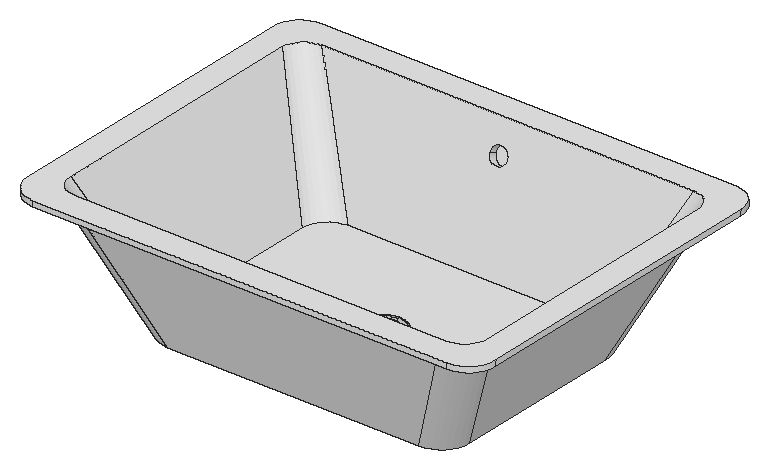
Revit family "York WB Under Counter", category Plumbing Fixtures, Revit 2023
Family settings
  Round Connector Dimension = Use Diameter
  Part Type = Normal
  OmniClass Number = 23.45.00.00
  OmniClass Title = Sanitary, Laundry, and Cleaning Equipment
  Work Plane-Based = No
  Enable Cutting in Views = No
  Always vertical = Yes
  Cut with Voids When Loaded = No
  Maintain Annotation Orientation = No
  Shared = No
  Room Calculation Point = No
Parameters
  Silver = Silver
  Default Elevation = 0 mm
  Ceramic = Ceramic
Reference planes
  plane 1 "Center (Front/Back)": y = 0
  plane 2: z = 0
  plane 3 "Center (Left/Right)": x = 0
  plane 4: z = -33.952
Forms (mm)
  Blend 1, solid, material "Ceramic" <- "Ceramic"
    base sketch origin (0, 0, 0) x (1, 0, 0) y (0, 1, 0)
      loop
        line (140, 127) -> (-140, 127)
        arc (-140, 127) -> (-162.627, 117.627) -> (-172, 95) r 32
        line (-172, 95) -> (-172, -95)
        arc (-172, -95) -> (-162.627, -117.627) -> (-140, -127) r 32
        line (-140, -127) -> (140, -127)
        arc (140, -127) -> (162.627, -117.627) -> (172, -95) r 32
        line (172, -95) -> (172, 95)
        arc (172, 95) -> (162.627, 117.627) -> (140, 127) r 32
    top sketch origin (0, 0, 0) x (1, 0, 0) y (0, 1, 0)
      loop
        arc (-207.5, 181.5) -> (-231.542, 171.542) -> (-241.5, 147.5) r 34
        line (-241.5, 147.5) -> (-241.5, -147.5)
        arc (-241.5, -147.5) -> (-231.542, -171.542) -> (-207.5, -181.5) r 34
        line (-207.5, -181.5) -> (207.5, -181.5)
        arc (207.5, -181.5) -> (231.542, -171.542) -> (241.5, -147.5) r 34
        line (241.5, -147.5) -> (241.5, 147.5)
        arc (241.5, 147.5) -> (231.542, 171.542) -> (207.5, 181.5) r 34
        line (207.5, 181.5) -> (-207.5, 181.5)
    from -147.875 to 0
  Blend 2, void
    base sketch origin (0, 0, 0) x (1, 0, 0) y (0, 1, 0)
      loop
        line (140, 123.5) -> (-140, 123.5)
        arc (-140, 123.5) -> (-160.153, 115.153) -> (-168.5, 95) r 28.5
        line (-168.5, 95) -> (-168.5, -95)
        arc (-168.5, -95) -> (-160.153, -115.153) -> (-140, -123.5) r 28.5
        line (-140, -123.5) -> (140, -123.5)
        arc (140, -123.5) -> (160.153, -115.153) -> (168.5, -95) r 28.5
        line (168.5, -95) -> (168.5, 95)
        arc (168.5, 95) -> (160.153, 115.153) -> (140, 123.5) r 28.5
    top sketch origin (0, 0, 0) x (1, 0, 0) y (0, 1, 0)
      loop
        arc (-207.5, 172.5) -> (-225.178, 165.178) -> (-232.5, 147.5) r 25
        line (-232.5, 147.5) -> (-232.5, -147.5)
        arc (-232.5, -147.5) -> (-225.178, -165.178) -> (-207.5, -172.5) r 25
        line (-207.5, -172.5) -> (207.5, -172.5)
        arc (207.5, -172.5) -> (225.178, -165.178) -> (232.5, -147.5) r 25
        line (232.5, -147.5) -> (232.5, 147.5)
        arc (232.5, 147.5) -> (225.178, 165.178) -> (207.5, 172.5) r 25
        line (207.5, 172.5) -> (-207.5, 172.5)
    from -135.381 to 0
  Extrusion 3, solid, material "Ceramic" <- "Ceramic"
    sketch origin (0, 0, 0) x (1, 0, 0) y (0, 1, 0)
      loop
        arc (235.5, 147.5) -> (227.299, 167.299) -> (207.5, 175.5) r 28
        line (207.5, 175.5) -> (-207.5, 175.5)
        arc (-207.5, 175.5) -> (-227.299, 167.299) -> (-235.5, 147.5) r 28
        line (-235.5, 147.5) -> (-235.5, -147.5)
        arc (-235.5, -147.5) -> (-227.299, -167.299) -> (-207.5, -175.5) r 28
        line (-207.5, -175.5) -> (207.5, -175.5)
        arc (207.5, -175.5) -> (227.299, -167.299) -> (235.5, -147.5) r 28
        line (235.5, -147.5) -> (235.5, 147.5)
      loop
        line (231.5, 201.5) -> (-231.5, 201.5)
        arc (-231.5, 201.5) -> (-252.713, 192.713) -> (-261.5, 171.5) r 30
        line (-261.5, 171.5) -> (-261.5, -171.5)
        arc (-261.5, -171.5) -> (-252.713, -192.713) -> (-231.5, -201.5) r 30
        line (-231.5, -201.5) -> (231.5, -201.5)
        arc (231.5, -201.5) -> (252.713, -192.713) -> (261.5, -171.5) r 30
        line (261.5, -171.5) -> (261.5, 171.5)
        arc (261.5, 171.5) -> (252.713, 192.713) -> (231.5, 201.5) r 30
    from 0 to -6
  Extrusion 4, void
    sketch origin (0, 0, 0) x (1, 0, 0) y (0, 1, 0)
      loop
        circle (0, 0) r 22.59
    from -156.169 to -129.276
  Extrusion 5, void
    sketch origin (0, 17.954, 54.315) x (1, 0, 0) y (0, 0.340335, 0.940304)
      loop
        circle (0, -33.952) r 10
    from -179.749 to -147.5
  Revolve 6, solid, material "Silver" <- "Silver"
    sketch origin (0, 192, -857.85) x (0, 1, 0) y (0, 0, 1)
      loop
        line (-169.5, 721.469) -> (-169.5, 722.469)
        arc (-169.5, 722.469) -> (-169.793, 723.176) -> (-170.5, 723.469) r 1
        line (-170.5, 723.469) -> (-176.5, 723.469)
        arc (-176.5, 723.469) -> (-177.207, 723.176) -> (-177.5, 722.469) r 1
        line (-177.5, 722.469) -> (-177.5, 718.713)
        arc (-177.5, 718.713) -> (-177.646, 718.359) -> (-178, 718.213) r 0.5
        line (-178, 718.213) -> (-192, 718.213) -> (-192, 717.213) -> (-176.15, 717.213) -> (-176.15, 720.469)
        arc (-176.15, 720.469) -> (-175.857, 721.176) -> (-175.15, 721.469) r 1
        line (-175.15, 721.469) -> (-169.5, 721.469)
      axis (-192, 717.213) -> (-192, 723.469)
    angle from 0 to 360
  Extrusion 7, void
    sketch origin (0, 192, -857.85) x (1, 0, 0) y (0, 1, 0)
      loop
        circle (0, -192) r 3
      loop
        circle (-8.778, -192) r 3
      loop
        circle (-4.389, -184.398) r 3
      loop
        circle (4.389, -184.398) r 3
      loop
        circle (8.778, -192) r 3
      loop
        circle (4.389, -199.602) r 3
      loop
        circle (-4.389, -199.602) r 3
    from 710.891 to 726.281
  Extrusion 8, solid, material "Ceramic" <- "Ceramic"
    sketch origin (0, 192, -857.85) x (0, 1, 0) y (0, 0, 1)
      loop
        line (-65, 709.975) -> (-169.5, 709.975) -> (-169.5, 683.695) -> (-60.698, 687.67)
        arc (-60.698, 687.67) -> (-48.217, 692.217) -> (-40.21, 702.815) r 23.448
        line (-40.21, 702.815) -> (-10.684, 787.85) -> (-2.398, 851.85) -> (-12.711, 851.85) -> (-65, 709.975)
    from -19 to 19
  Extrusion 9, solid, material "Ceramic" <- "Ceramic"
    sketch origin (0, 192, -857.85) x (1, 0, 0) y (0, 1, 0)
      loop
        circle (0, -192) r 29.5
      loop
        circle (0, -192) r 22.042
    from 677.85 to 712.7
Cuts and joins
  Blend 2, Extrusion 4, Extrusion 5 cuts Blend 1
  Blend 2, Extrusion 5 cuts Extrusion 3
  joined: Blend 1, Extrusion 3
  Extrusion 7 cuts Revolve 6
Lines and regions (mm)
  model lines, style "Dimn", not visible
    curve 1: line (2431.575, 2184.509, 0) -> (2466.251, 2184.509, 0)
    curve 2: line (2466.251, 2184.509, 0) -> (2500.927, 2184.509, 0)
    curve 3: line (2466.251, 2149.833, 0) -> (2466.251, 2184.509, 0)
    curve 4: line (2466.251, 2184.509, 0) -> (2466.251, 2219.184, 0)
    curve 36: line (3249.497, 2814.12, 0) -> (2914.497, 2814.12, 0)
    curve 37: line (3059.497, 2657.95, 0) -> (3104.497, 2657.95, 0)
    curve 38: line (3104.497, 2634.12, 0) -> (3059.497, 2634.12, 0)
    curve 39: line (3059.497, 2639.968, 0) -> (3104.497, 2639.968, 0)
    curve 40: line (3120.103, 2678.12, 0) -> (3043.891, 2678.12, 0)
    curve 41: line (2922.538, 2791.168, 0) -> (2930.245, 2769.168, 0)
    curve 42: line (2921.801, 2780.168, 0) -> (2930.982, 2780.168, 0)
    curve 43: line (3082.087, 2814.12, 0) -> (3081.997, 2678.12, 0)
    curve 44: line (3081.997, 2678.12, 0) -> (3127.837, 2678.12, 0)
    curve 45: line (3104.497, 2669.034, 0) -> (3058.181, 2669.034, 0)
    curve 65: line (2698.751, 2814.12, 0) -> (2233.751, 2814.12, 0)
  model lines, style "Plane", not visible
    curve 5: arc (2718.751, 2356.921, 0) -> (2712.308, 2371.176, 0) -> (2697.793, 2377.009, 0) r 20.977
    curve 6: arc (2234.709, 2377.009, 0) -> (2220.194, 2371.176, 0) -> (2213.751, 2356.921, 0) r 20.977
    curve 7: arc (2697.793, 1992.009, 0) -> (2712.308, 1997.842, 0) -> (2718.751, 2012.097, 0) r 20.977
    curve 8: arc (2213.751, 2012.097, 0) -> (2220.194, 1997.842, 0) -> (2234.709, 1992.009, 0) r 20.977
    curve 9: circle (2466.251, 2184.509, 0) r 22.5 normal (0, 0, 1)
    curve 10: arc (2693.751, 2332.009, 0) -> (2687.893, 2346.151, 0) -> (2673.751, 2352.009, 0) r 20
    curve 11: arc (2258.751, 2352.009, 0) -> (2244.609, 2346.151, 0) -> (2238.751, 2332.009, 0) r 20
    curve 12: arc (2673.751, 2017.009, 0) -> (2687.893, 2022.867, 0) -> (2693.751, 2037.009, 0) r 20
    curve 13: arc (2238.751, 2037.009, 0) -> (2244.609, 2022.867, 0) -> (2258.751, 2017.009, 0) r 20
    curve 14: arc (2616.251, 2279.509, 0) -> (2613.322, 2286.58, 0) -> (2606.251, 2289.509, 0) r 10
    curve 15: arc (2326.251, 2289.509, 0) -> (2319.18, 2286.58, 0) -> (2316.251, 2279.509, 0) r 10
    curve 16: arc (2606.251, 2079.509, 0) -> (2613.322, 2082.438, 0) -> (2616.251, 2089.509, 0) r 10
    curve 17: arc (2316.251, 2089.509, 0) -> (2319.18, 2082.438, 0) -> (2326.251, 2079.509, 0) r 10
    curve 18: spline (2455.851, 2332.215, 0) -> (2456.206, 2330.964, 0) -> (2457.245, 2329.799, 0) -> (2458.897, 2328.798, 0) -> (2461.051, 2328.031, 0) -> (2463.559, 2327.548, 0) -> (2466.251, 2327.383, 0) -> (2468.943, 2327.548, 0) -> (2471.451, 2328.031, 0) -> (2473.605, 2328.798, 0) -> (2475.257, 2329.799, 0) -> (2476.296, 2330.964, 0) -> (2476.651, 2332.215, 0) -> (2476.296, 2333.465, 0) -> (2475.257, 2334.63, 0) -> (2473.605, 2335.631, 0) -> (2471.451, 2336.399, 0) -> (2468.943, 2336.881, 0) -> (2466.251, 2337.046, 0) -> (2463.559, 2336.881, 0) -> (2461.051, 2336.399, 0) -> (2458.897, 2335.631, 0) -> (2457.245, 2334.63, 0) -> (2456.206, 2333.465, 0) -> (2455.851, 2332.215, 0)
    curve 19: line (2234.709, 2377.009, 0) -> (2697.793, 2377.009, 0)
    curve 20: line (2718.751, 2012.097, 0) -> (2718.751, 2356.921, 0)
    curve 21: line (2213.751, 2012.097, 0) -> (2213.751, 2356.921, 0)
    curve 22: line (2234.709, 1992.009, 0) -> (2697.793, 1992.009, 0)
    curve 23: line (2606.251, 2289.509, 0) -> (2326.251, 2289.509, 0)
    curve 24: line (2316.251, 2279.509, 0) -> (2316.251, 2089.509, 0)
    curve 25: line (2326.251, 2079.509, 0) -> (2606.251, 2079.509, 0)
    curve 26: line (2616.251, 2089.509, 0) -> (2616.251, 2279.509, 0)
    curve 27: line (2693.751, 2037.009, 0) -> (2693.751, 2332.009, 0)
    curve 28: line (2258.751, 2352.009, 0) -> (2673.751, 2352.009, 0)
    curve 29: line (2238.751, 2037.009, 0) -> (2238.751, 2332.009, 0)
    curve 30: line (2258.751, 2017.009, 0) -> (2673.751, 2017.009, 0)
    curve 31: line (2613.322, 2286.58, 0) -> (2687.893, 2346.151, 0)
    curve 32: line (2613.322, 2082.438, 0) -> (2687.893, 2022.867, 0)
    curve 33: line (2319.18, 2286.58, 0) -> (2244.609, 2346.151, 0)
    curve 34: line (2319.18, 2082.438, 0) -> (2244.609, 2022.867, 0)
    curve 46: arc (3120.103, 2678.12, 0) -> (3117.911, 2677.637, 0) -> (3115.903, 2676.638, 0) r 9.182
    curve 47: arc (3195.84, 2679.358, 0) -> (3201.073, 2681.086, 0) -> (3204.422, 2685.463, 0) r 9.346
    curve 48: arc (2959.571, 2685.463, 0) -> (2962.92, 2681.086, 0) -> (2968.154, 2679.358, 0) r 9.346
    curve 49: arc (2930.296, 2659.085, 0) -> (2938.304, 2648.487, 0) -> (2950.784, 2643.94, 0) r 23.448
    curve 50: line (2889.497, 2814.12, 0) -> (2914.497, 2814.12, 0)
    curve 51: line (2914.497, 2814.12, 0) -> (2922.538, 2791.168, 0)
    curve 52: line (3274.497, 2814.12, 0) -> (3249.497, 2814.12, 0)
    curve 53: line (3249.497, 2814.12, 0) -> (3204.422, 2685.463, 0)
    curve 54: line (2968.154, 2679.358, 0) -> (3043.891, 2678.12, 0)
    curve 55: line (2959.571, 2685.463, 0) -> (2930.245, 2769.168, 0)
    curve 56: line (3048.091, 2676.638, 0) -> (3059.497, 2669.034, 0)
    curve 57: line (3059.497, 2669.034, 0) -> (3059.497, 2657.95, 0)
    curve 58: line (3115.903, 2676.638, 0) -> (3104.497, 2669.034, 0)
    curve 59: line (3104.497, 2669.034, 0) -> (3104.497, 2634.12, 0)
    curve 60: line (2950.784, 2643.94, 0) -> (3059.497, 2639.968, 0)
    curve 61: line (3059.497, 2639.968, 0) -> (3059.497, 2634.12, 0)
    curve 62: line (2891.708, 2814.12, 0) -> (2900.77, 2744.12, 0)
    curve 63: line (2900.77, 2744.12, 0) -> (2930.296, 2659.085, 0)
    curve 64: line (3195.84, 2679.358, 0) -> (3120.103, 2678.12, 0)
    curve 66: arc (2629.193, 2678.739, 0) -> (2634.427, 2680.467, 0) -> (2637.776, 2684.844, 0) r 9.346
    curve 67: arc (2295.039, 2684.098, 0) -> (2298.41, 2680.24, 0) -> (2303.309, 2678.739, 0) r 9.346
    curve 68: line (2718.751, 2814.12, 0) -> (2698.751, 2814.12, 0)
    curve 69: line (2698.751, 2814.12, 0) -> (2637.776, 2684.844, 0)
    curve 70: line (2213.751, 2814.12, 0) -> (2233.751, 2814.12, 0)
    curve 71: line (2233.751, 2814.12, 0) -> (2295.039, 2684.098, 0)
    curve 72: line (2439.445, 2678.739, 0) -> (2439.445, 2634.12, 0)
    curve 73: line (2439.445, 2634.12, 0) -> (2493.057, 2634.12, 0)
    curve 74: line (2493.057, 2634.12, 0) -> (2493.057, 2678.739, 0)
    curve 75: line (2303.309, 2678.739, 0) -> (2466.251, 2678.739, 0)
    curve 76: line (2466.251, 2678.739, 0) -> (2629.193, 2678.739, 0)
  model lines, style "Center Axe", not visible
    curve 35: line (3081.997, 2612.807, 0) -> (3081.997, 2684.451, 0)
Dimensions and locks
  aligned and locked: level to plane 2
